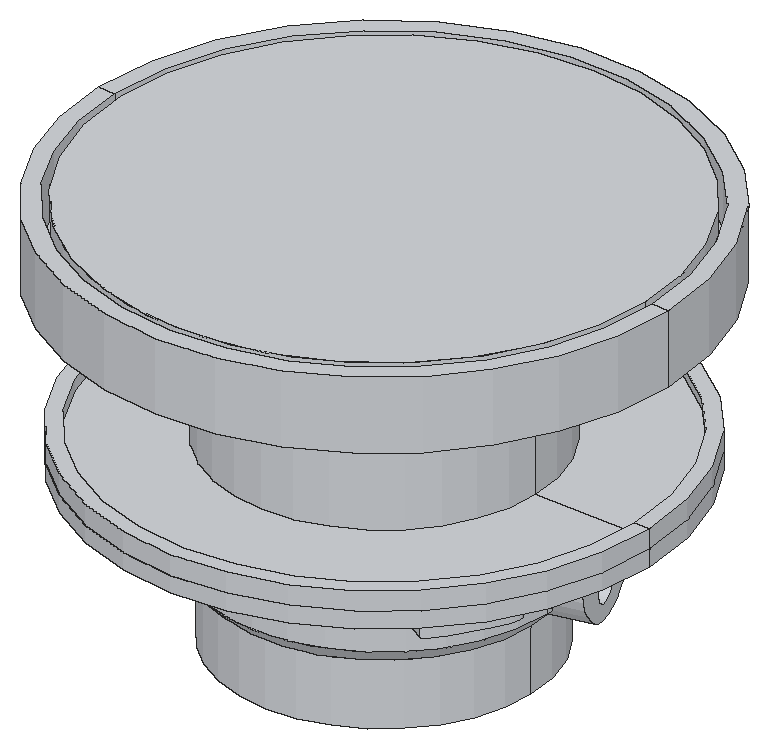
Revit family
Parameters (values of type "MIFAB - F1320-C - Floor Drain with 9 round ductile iron strainer")
  Rad = 0' - 2"
  Model = " F1320-C"
  Manufacturer = "MIFAB"
  Description = "Floor Drain with 9\" round ductile iron strainer"
  Assembly Code = ""
Reference planes (in)
  plane 1 "Center (Front/Back)": y = 0
  plane 2: z = 0
  plane 3 "Center (Left/Right)": x = 0
Forms (in)
  Revolve 1, solid
    sketch origin (0, 0, -4.94878) x (1, 0, 0) y (0, 0, 1)
      loop
        line (2, 0) -> (2.25, 0) -> (2.25, 0.9375) -> (2.5, 1.1875) -> (2.5, 2.37891) -> (4.06, 2.37891) -> (4.06, 2.61719) -> (2.25, 2.61719) -> (2.25, 2.25781) -> (2.25, 1.29105) -> (2, 1.04105) -> (2, 0)
      axis (0, 0) -> (0, 2.61719)
    angle from 0 to 360
  Extrusion 2, solid
    sketch origin (-0.00113, 0.00423, -4.90191) x (-0.258819, 0.965926, 0) y (0, 0, 1)
      loop
        line (0.66016, 2.31273) -> (-0.66016, 2.31273) -> (-0.66016, 1.51195)
        arc (-0.66016, 1.51195) -> (0, 0.85179) -> (0.66016, 1.51195) r 0.66016
        line (0.66016, 1.51195) -> (0.66016, 2.31273)
      loop
        circle (0, 1.29141) r 0.23
    from 2.10228 to 2.88312
  Extrusion 3, solid
    sketch origin (0, -0.25, -4.59239) x (1, 0, 0) y (0, 1, 0)
      loop
        line (-0.66406, 2.45121) -> (0.66406, 2.45121) -> (0.66406, 3.11257)
        spline (0.66406, 3.11257) -> (0.64144, 3.1412) -> (0.57509, 3.16787) -> (0.46956, 3.19078) -> (0.33203, 3.20835) -> (0.17187, 3.2194) -> (0, 3.22317) -> (-0.17187, 3.2194) -> (-0.33203, 3.20835) -> (-0.46956, 3.19078) -> (-0.57509, 3.16787) -> (-0.64144, 3.1412) -> (-0.66406, 3.11257)
        line (-0.66406, 3.11257) -> (-0.66406, 2.45121)
      loop
        circle (0.36679, 2.90152) r 0.07068
    from 1.27206 to 1.99472
  Extrusion 4, solid
    sketch origin (-0.21651, 0.125, -4.59239) x (0.5, 0.866025, 0) y (-0.866025, 0.5, 0)
      loop
        line (-0.66406, -2.45121) -> (-0.66406, -3.11257)
        spline (-0.66406, -3.11257) -> (-0.64144, -3.1412) -> (-0.57509, -3.16787) -> (-0.46956, -3.19078) -> (-0.33203, -3.20835) -> (-0.17187, -3.2194) -> (0, -3.22317) -> (0.17187, -3.2194) -> (0.33203, -3.20835) -> (0.46956, -3.19078) -> (0.57509, -3.16787) -> (0.64144, -3.1412) -> (0.66406, -3.11257)
        line (0.66406, -3.11257) -> (0.66406, -2.45121) -> (-0.66406, -2.45121)
      loop
        circle (0.36679, -2.90152) r 0.07068
    from 1.27206 to 1.99472
  Extrusion 5, solid
    sketch origin (0.21651, 0.125, -4.59239) x (-0.5, 0.866025, 0) y (-0.866025, -0.5, 0)
      loop
        line (-0.66406, 2.45121) -> (0.66406, 2.45121) -> (0.66406, 3.11257)
        spline (0.66406, 3.11257) -> (0.64144, 3.1412) -> (0.57509, 3.16787) -> (0.46956, 3.19078) -> (0.33203, 3.20835) -> (0.17187, 3.2194) -> (0, 3.22317) -> (-0.17187, 3.2194) -> (-0.33203, 3.20835) -> (-0.46956, 3.19078) -> (-0.57509, 3.16787) -> (-0.64144, 3.1412) -> (-0.66406, 3.11257)
        line (-0.66406, 3.11257) -> (-0.66406, 2.45121)
      loop
        circle (0.36679, 2.90152) r 0.07068
    from 1.27206 to 1.99472
  Extrusion 6, solid
    sketch origin (0, 0, -4.94878) x (1, 0, 0) y (0, 1, 0)
      loop
        circle (0, 0) r 2.5
    from 2.76055 to 2.90234
  Revolve 7, solid
    sketch origin (0, 0, -4.94878) x (1, 0, 0) y (0, 0, 1)
      loop
        line (-2.32422, 2.76055) -> (-2.07422, 2.76055) -> (-2.07422, 4.42153) -> (-3.76562, 5.19878) -> (-4.10156, 5.19878) -> (-4.10156, 5.98784) -> (-4.35156, 5.98784) -> (-4.35156, 4.94878) -> (-3.82031, 4.94878) -> (-2.32422, 4.26128) -> (-2.32422, 2.76055)
      axis (0, 2.76055) -> (0, 5.98784)
    angle from 0 to 360
  Extrusion 8, solid
    sketch origin (0, 0, -4.94878) x (1, 0, 0) y (0, 1, 0)
      loop
        circle (0, 0) r 4
    from 5.68857 to 5.98784
  Revolve 9, solid
    sketch origin (0, 0, -2.56987) x (1, 0, 0) y (0, 0, 1)
      loop
        line (-3.84, 0.38164) -> (-3.84, 0.52344) -> (-4.06, 0.52344) -> (-4.06, 0.23828) -> (0, 0.23828) -> (0, 0.38164) -> (-3.84, 0.38164)
      axis (0, 0.23828) -> (0, 0.52344)
    angle from 0 to 360
  Revolve 10, void
    sketch origin (0, 0, 0) x (1, 0, 0) y (0, 0, 1)
      loop
        line (-4.35156, 0) -> (-4.35156, -12) -> (0, -12) -> (0, 0) -> (-4.35156, 0)
      axis (0, -12) -> (0, 0)
    angle from 0 to 360
Cuts and joins
  Revolve 10 cuts Extrusion 6
  joined: Extrusion 6, Revolve 7
Lines and regions (in)
  sketch lines
    curve 1: line (-60, 60, 0) -> (60, 60, 0)
    curve 2: line (-60, 60, 0) -> (-60, -60, 0)
    curve 3: line (-60, -60, 0) -> (60, -60, 0)
    curve 4: line (60, 60, 0) -> (60, -60, 0)
Dimensions and locks (in)
  equal spacing: curve 3, plane 1 "Center (Front/Back)", curve 1
  equal spacing: curve 4, plane 3 "Center (Left/Right)", curve 2
  curve 3 to curve 1 = 10' - 0"
  curve 2 to curve 4 = 10' - 0"
  "Rad": Revolve 1 sketch curve to plane 3 "Center (Left/Right)"
  aligned and locked: Revolve 10 sketch curve to host floor
  aligned and locked: Revolve 10 sketch curve to cut or joined group of Extrusion 6, Revolve 7, Revolve 10
Automatic sketch dimensions
  Revolve 1 sketch curve to plane 3 "Center (Left/Right)" = 0' - 0"
  Revolve 1 sketch curve to Revolve 1 sketch curve = 0' - 0 1/4"  (x4)
  Revolve 1 sketch curve to Revolve 1 sketch curve = 0' - 1.56"
  Revolve 1 sketch curve to level = 0' - 4.94878"
  Revolve 1 sketch curve to Revolve 1 sketch curve = 0' - 0 15/16"
  Revolve 1 sketch curve to Revolve 1 sketch curve = 0' - 0.10355"  (x2)
  Revolve 1 sketch curve to Revolve 1 sketch curve = 0' - 0.57613"
  Revolve 1 sketch curve to Revolve 1 sketch curve = 0' - 0.96676"
  Revolve 1 sketch curve to Revolve 1 sketch curve = 0' - 0 31/256"
  Revolve 1 sketch curve to Revolve 1 sketch curve = 0' - 0 61/256"
  Revolve 1 sketch curve to Revolve 1 sketch curve = 0' - 1 1/2"
  Extrusion 2 sketch curve to level = 0' - 2.58918"
  Extrusion 2 sketch curve to Extrusion 2 sketch curve = 0' - 0 169/256"
  Extrusion 2 sketch curve to Extrusion 2 sketch curve = 0' - 0"
  Extrusion 2 sketch curve to Extrusion 2 sketch curve = 0' - 0 205/256"
  Extrusion 2 sketch curve to Extrusion 2 sketch curve = 0' - 0.22054"
  Extrusion 3 sketch curve to plane 3 "Center (Left/Right)" = 0' - 0"
  Extrusion 3 sketch curve to plane 3 "Center (Left/Right)" = 0' - 0 85/128"
  Extrusion 3 sketch curve to Extrusion 3 sketch curve = 0' - 0.29727"
  Extrusion 3 sketch curve to plane 1 "Center (Front/Back)" = 0' - 2.20121"
  Extrusion 3 sketch curve to Extrusion 3 sketch curve = 0' - 0.45031"
  Extrusion 3 sketch curve to Extrusion 3 sketch curve = 0' - 0.21105"
  plane 1 "Center (Front/Back)" to Extrusion 4 sketch curve = 0' - 2.00638"
  plane 3 "Center (Left/Right)" to Extrusion 4 sketch curve = 0' - 2.14703"
  Extrusion 4 sketch curve to Extrusion 4 sketch curve = 0' - 0 85/128"
  Extrusion 4 sketch curve to Extrusion 4 sketch curve = 0' - 0.29727"
  Extrusion 4 sketch curve to Extrusion 4 sketch curve = 0' - 0.21105"
  Extrusion 4 sketch curve to Extrusion 4 sketch curve = 0' - 0.45031"
  plane 1 "Center (Front/Back)" to Extrusion 5 sketch curve = 0' - 2.00638"
  Extrusion 5 sketch curve to plane 3 "Center (Left/Right)" = 0' - 2.14703"
  Extrusion 5 sketch curve to Extrusion 5 sketch curve = 0' - 0 85/128"
  Extrusion 5 sketch curve to Extrusion 5 sketch curve = 0' - 0.29727"
  Extrusion 5 sketch curve to Extrusion 5 sketch curve = 0' - 0.21105"
  Extrusion 5 sketch curve to Extrusion 5 sketch curve = 0' - 0.66136"
  Extrusion 6 sketch curve to plane 1 "Center (Front/Back)" = 0' - 0"
  Extrusion 6 sketch curve to plane 3 "Center (Left/Right)" = 0' - 0"
  Revolve 7 sketch curve to level = 0' - 0"
  Revolve 7 sketch curve to plane 3 "Center (Left/Right)" = 0' - 0"
  Revolve 7 sketch curve to level = 0' - 0.52725"
  Revolve 7 sketch curve to plane 3 "Center (Left/Right)" = 0' - 2 19/256"
  Revolve 7 sketch curve to Revolve 7 sketch curve = 0' - 0 1/4"  (x2)
  level to Revolve 7 sketch curve = 0' - 0 1/4"
  Revolve 7 sketch curve to Revolve 7 sketch curve = 0' - 1 113/256"
  Revolve 7 sketch curve to Revolve 7 sketch curve = 0' - 0 7/128"
  Revolve 7 sketch curve to Revolve 7 sketch curve = 0' - 0 43/128"
  Revolve 7 sketch curve to Revolve 7 sketch curve = 0' - 0.16025"
  Revolve 7 sketch curve to level = 0' - 1.48042"
  Revolve 7 sketch curve to Revolve 7 sketch curve = 0' - 1.50073"
  level to Revolve 7 sketch curve = 0' - 0.51958"
  Revolve 7 sketch curve to Revolve 7 sketch curve = 0' - 0 101/128"
  Extrusion 8 sketch curve to plane 1 "Center (Front/Back)" = 0' - 0"
  Extrusion 8 sketch curve to plane 3 "Center (Left/Right)" = 0' - 0"
  Revolve 9 sketch curve to plane 3 "Center (Left/Right)" = 0' - 0"  (x2)
  Revolve 9 sketch curve to Revolve 9 sketch curve = 0' - 3.84"
  Revolve 9 sketch curve to Revolve 9 sketch curve = 0' - 0.22"
  Revolve 9 sketch curve to level = 0' - 2.33159"
  Revolve 9 sketch curve to Revolve 9 sketch curve = 0' - 0.14336"
  Revolve 9 sketch curve to Revolve 9 sketch curve = 0' - 0.1418"
  Revolve 9 sketch curve to Revolve 9 sketch curve = 0' - 0.3918"
  Revolve 9 sketch curve to Revolve 9 sketch curve = 0' - 0 1/4"
  Revolve 10 sketch curve to plane 3 "Center (Left/Right)" = 0' - 0"  (x2)
  Revolve 10 sketch curve to Revolve 10 sketch curve = 0' - 4 45/128"
  Revolve 10 sketch curve to Revolve 10 sketch curve = 0' - 2 3/4"
  Revolve 10 sketch curve to Revolve 10 sketch curve = 0' - 2"
  radius of Extrusion 2 sketch curve = 0' - 0.23"
  radius of Extrusion 3 sketch curve = 0' - 0.07068"
  radius of Extrusion 4 sketch curve = 0' - 0.07068"
  radius of Extrusion 5 sketch curve = 0' - 0.07068"
  radius of Extrusion 6 sketch curve = 0' - 2 1/2"
  radius of Extrusion 8 sketch curve = 0' - 4"
Connectors (in)
  piping at (0, 0, -4.94878), driven by "Rad"
    settings: on Revolve 1, index 1
